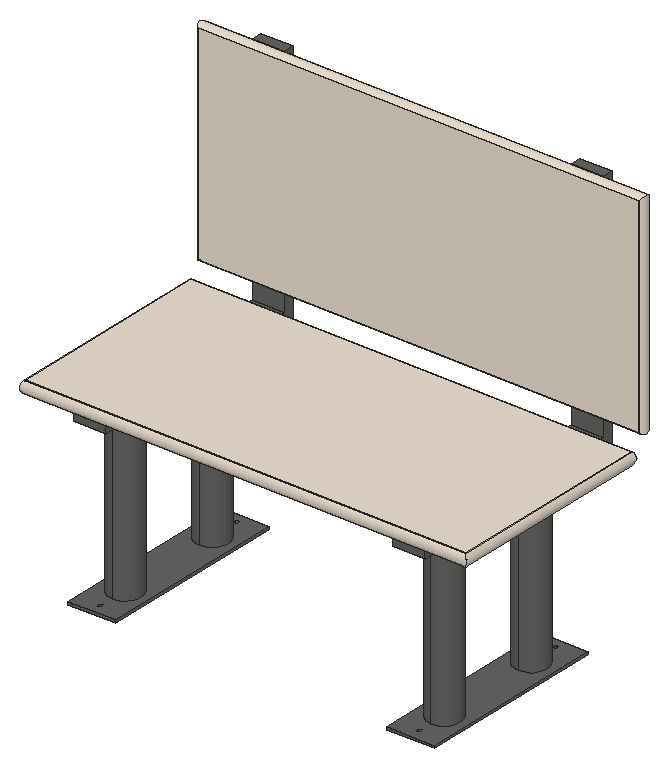
Revit family "Locker_Benches_ADA-Salsbury_Industries-Wood_77780_Series", category Specialty Equipment, Revit 2026
Family settings
  Round Connector Dimension = Use Diameter
  Part Type = Normal
  Classification Number = 23.40.00.00
  Work Plane-Based = No
  Enable Cutting in Views = No
  Always vertical = Yes
  Cut with Voids When Loaded = No
  Maintain Annotation Orientation = No
  Shared = No
  Room Calculation Point = No
Parameters (values of type "77781-ADAB")
  Width = 42.000"
  Version = "1.0 (11/16/18)"
  URL = "www.lockers.com"
  Type Comments = "Wood Locker Bench with Back Support"
  Seat Height = 18.000"
  Seat Depth = 20.000"
  Pedestal Top Plate = no
  Pedestal Material = Aluminum - Salsbury Finish - Black Satin
  Primary Material [instance] = Butcher Block Wood - Salsbury Finish - Light
  Pedestal Height Offet = if(Height = 39.000", 15.563", if(Height = 18.000", 16.313", 0.000"))  # 15.563"
  OmniClass 23 Title = "Equipment and Furnishings"
  OmniClass 23 Number = "23.40.00.00"
  Model = "77781-ADAB"
  MasterFormat Title = "Locker Room Benches"
  MasterFormat Number = "10 51 53"
  Manufacturer = "Salsbury Industries"
  Height = 39.000"
  Description = "Americans with Disabilities Act (ADA) compliant"
  Depth = 22.750"
  Default Elevation = 0.000"
  Back Support = yes
  Assembly Code = "C1030310"
  ADA Guidelines = "https://www.lockers.com/ada-lockers/"
Types (5): name | Width | Type Comments | Pedestal Top Plate | Pedestal Height Offet | Model | Height | Depth | Back Support
  (no name) | 42.000" | "Wood Locker Bench with Back Support" | no | 15.563" | "77781-ADAB" | 39.000" | 22.750" | yes
  77781-ADA | 42.000" | "Wood Locker Bench" | yes | 16.313" | "77781-ADA" | 18.000" | 20.000" | no
  77781-ADAB | 42.000" | "Wood Locker Bench with Back Support" | no | 15.563" | "77781-ADAB" | 39.000" | 22.750" | yes
  77782-ADAB | 48.000" | "Wood Locker Bench with Back Support" | no | 15.563" | "77782-ADAB" | 39.000" | 22.750" | yes
  77782-ADA | 48.000" | "Wood Locker Bench" | yes | 16.313" | "77782-ADA" | 18.000" | 20.000" | no
Reference planes (in)
  plane 1 "Center (Front/Back)": y = 0
  plane 2 "Floor": z = 0
  plane 3 "Center (Left/Right)": x = 0
  plane 4 "Front Side of Bench": y = -10
  plane 5 "Back Side of Bench": y = 10
  plane 6 "Right Side of Bench": x = 21
  plane 7 "Left Side of Bench": x = -21
  plane 8 "Top of Bench": z = 18
  plane 9: z = 16.8125
  plane 10: z = 17.9375
  plane 11 "Left Side of Trim Curve": x = -20.75
  plane 12 "Right Side of Trim Curve": x = 20.75
  plane 13 "Back of Trim Curve": y = -9.75
  plane 14 "Front of Trim Curve": y = 9.75
  plane 15: y = 9.375
  plane 16: y = -9.375
  plane 17 "Left Pedestal Center": x = -15
  plane 18 "Right Pedestal Center": x = 15
  plane 19: x = -17.25
  plane 20: x = -12.75
  plane 21: x = 12.75
  plane 22: x = 17.25
  plane 23: y = 9.25
  plane 24: y = -9.25
  plane 25: y = 9
  plane 26: y = -9
  plane 27 "Top of Bottom Pedestal Plate": z = 0.25
  plane 28 "Bottom of Top Pedestal Plate": z = 16.5625
  plane 29: y = -8
  plane 30: y = 8
  plane 31: x = -16.187
  plane 32: x = -13.813
  plane 33: x = 13.813
  plane 34: x = 16.187
  plane 35: x = -16.50135
  plane 36: x = -13.5
  plane 37: x = 13.5
  plane 38: x = 16.5
  plane 39: y = 3.62669
  plane 40: y = 6.625
  plane 41 "Front of PLAM": y = 9.625
  plane 42 "Back of PLAM": y = -9.625
  plane 43 "White Melamine Edge": z = 16.8435
  plane 44 "Left Edge of Support": x = -12.5
  plane 45 "Right Edge of Support": x = 12.5
  plane 46: z = 16.7815
  plane 47: y = 5.125
  plane 48: y = -5.125
  plane 49 "Pedestal Offset Plane": z = 15.813
  plane 50: y = -6.62487
  plane 51: y = -3.62656
  plane 52: z = 15.8125
  plane 53 "Back of Back Support Pedestal": y = 12.75
  plane 54 "Back of Back Support": y = 11.75
  plane 55 "Top of Back Support Pedestal": z = 38.8125
  plane 56 "Top of Back Support": z = 39
  plane 57 "Front of Back Support": y = 10.562
  plane 58 "Back of Trim Curve-Back Support": z = 38.75
  plane 59 "Bottom of Back Support": z = 19
  plane 60 "Back Support PLAM Bottom Edge": z = 19.25
  plane 61: y = 12.75
Forms (in)
  Extrusion 1, solid, material "Aluminum - Salsbury Finish - Black Satin" <- "Pedestal Material"
    sketch origin (0, 0, 0) x (1, 0, 0) y (0, 1, 0)
      loop
        line (-17.25, 9) -> (-17.25, -9) -> (-12.75, -9) -> (-12.75, 9) -> (-17.25, 9)
    from 0 to 0.25
  Extrusion 2, solid, material "Aluminum - Salsbury Finish - Black Satin" <- "Pedestal Material", visible <- "Pedestal Top Plate"
    sketch origin (0, 0, 16.5625) x (0, -1, 0) y (1, 0, 0)
      loop
        line (-9.25, -17.25) -> (9.25, -17.25) -> (9.25, -12.75) -> (-9.25, -12.75) -> (-9.25, -17.25)
    from 0 to 0.25
  Extrusion 3, solid, material "Aluminum - Salsbury Finish - Black Satin" <- "Pedestal Material"
    sketch origin (0, 0, 0.25) x (0, -1, 0) y (1, 0, 0)
      loop
        circle (-5.125, -15) r 1.5
      loop
        circle (5.125, -15) r 1.5
    from 0 to 15.563
  Extrusion 4, solid, material "Aluminum - Salsbury Finish - Black Satin" <- "Pedestal Material"
    sketch origin (0, 0, 0) x (-1, 0, 0) y (0, -1, 0)
      loop
        line (-17.25, -9) -> (-12.75, -9) -> (-12.75, 9) -> (-17.25, 9) -> (-17.25, -9)
    from 0 to 0.25
  Extrusion 5, solid, material "Aluminum - Salsbury Finish - Black Satin" <- "Pedestal Material", visible <- "Pedestal Top Plate"
    sketch origin (0, 0, 16.5625) x (0, -1, 0) y (1, 0, 0)
      loop
        line (-9.25, 17.25) -> (-9.25, 12.75) -> (9.25, 12.75) -> (9.25, 17.25) -> (-9.25, 17.25)
    from 0 to 0.25
  Extrusion 6, solid, material "Aluminum - Salsbury Finish - Black Satin" <- "Pedestal Material"
    sketch origin (0, 0, 0.25) x (0, -1, 0) y (1, 0, 0)
      loop
        circle (-5.125, 15) r 1.5
      loop
        circle (5.125, 15) r 1.5
    from 0 to 15.563
  Extrusion 7, void
    sketch origin (0, 0, 0) x (1, 0, 0) y (0, 1, 0)
      loop
        circle (-15, 8) r 0.188
      loop
        circle (-15, -8) r 0.188
    from 0 to 0.25
  Extrusion 8, void
    sketch origin (0, 0, 0) x (-1, 0, 0) y (0, -1, 0)
      loop
        circle (-15, -8) r 0.188
      loop
        circle (-15, 8) r 0.188
    from 0 to 0.25
  Sweep 9, solid, material "Butcher Block Wood - Salsbury Finish - Light" <- "Primary Material"
    path origin (0, 0, 18) x (0, -1, 0) y (1, 0, 0)
      loop
        line (10, -21) -> (10, 21) -> (-10, 21) -> (-10, -21) -> (10, -21)
    profile origin (-21, 0, 18) x (-1, 0, 0) y (0, 0, 1)
      loop
        line (-0.25, 0) -> (-0.25, -1.1875)
        arc (-0.25, -1.1875) -> (0.00021, -0.59375) -> (-0.25, 0) r 0.8296
  Extrusion 10, solid, material "Butcher Block Wood - Salsbury Finish - Light" <- "Primary Material"
    sketch origin (0, 0, 18) x (0, -1, 0) y (1, 0, 0)
      loop
        line (-9.75, -20.75) -> (9.75, -20.75) -> (9.75, 20.75) -> (-9.75, 20.75) -> (-9.75, -20.75)
    from -1.1875 to 0
  Extrusion 11, solid, material "Aluminum - Salsbury Finish - Black Satin" <- "Pedestal Material", visible <- "Back Support"
    sketch origin (15, 0, 0) x (0, -1, 0) y (0, 0, 1)
      loop
        line (9.25, 16.8125) -> (-11.75, 16.8125) -> (-11.75, 38.8125) -> (-12.75, 38.8125) -> (-12.75, 15.8125) -> (9.25, 15.8125) -> (9.25, 16.8125)
    from -1.5 to 1.5
  Extrusion 12, solid, material "Aluminum - Salsbury Finish - Black Satin" <- "Pedestal Material", visible <- "Back Support"
    sketch origin (-15, 0, 0) x (0, -1, 0) y (0, 0, 1)
      loop
        line (9.25, 16.8125) -> (-11.75, 16.8125) -> (-11.75, 38.8125) -> (-12.75, 38.8125) -> (-12.75, 15.8125) -> (9.25, 15.8125) -> (9.25, 16.8125)
    from -1.5 to 1.50135
  Sweep 13, solid, material "Butcher Block Wood - Salsbury Finish - Light" <- "Primary Material", visible <- "Back Support"
    path origin (0, 10.562, 0) x (0, 0, -1) y (1, 0, 0)
      loop
        line (-39, -21) -> (-19, -21) -> (-19, 21) -> (-39, 21) -> (-39, -21)
    profile origin (0, 10.562, 39) x (0, 0, 1) y (0, -1, 0)
      loop
        arc (-0.25, -1.188) -> (0.00008, -0.594) -> (-0.25, 0) r 0.83048
        line (-0.25, 0) -> (-0.25, -1.188)
  Extrusion 14, solid, material "Butcher Block Wood - Salsbury Finish - Light" <- "Primary Material", visible <- "Back Support"
    sketch origin (0, 10.562, 0) x (0, 0, -1) y (1, 0, 0)
      loop
        line (-38.75, -20.75) -> (-19.25, -20.75) -> (-19.25, 20.75) -> (-38.75, 20.75) -> (-38.75, -20.75)
    from -1.188 to 0
Cuts and joins
  Extrusion 7, Extrusion 8 cuts Extrusion 1
  Extrusion 8 cuts Extrusion 4
Lines and regions (in)
  symbolic lines
    curve 1: line (-21, 0, 18) -> (21, 0, 18)
    curve 2: line (-21, 0, 16.8125) -> (-21, 0, 18)
    curve 3: line (21, 0, 16.8125) -> (-21, 0, 16.8125)
    curve 4: line (21, 0, 18) -> (21, 0, 16.8125)
    curve 8: line (-17.25, 0, 0.25) -> (-12.75, 0, 0.25)
    curve 9: line (-17.25, 0, 0) -> (-17.25, 0, 0.25)
    curve 10: line (-12.75, 0, 0) -> (-17.25, 0, 0)
    curve 11: line (-12.75, 0, 0.25) -> (-12.75, 0, 0)
    curve 12: line (-16.50135, 0, 0.25) -> (-16.50135, 0, 15.813)
    curve 13: line (-13.5, 0, 0.25) -> (-13.5, 0, 15.813)
    curve 17: line (12.75, 0, 0.25) -> (17.25, 0, 0.25)
    curve 18: line (12.75, 0, 0) -> (12.75, 0, 0.25)
    curve 19: line (17.25, 0, 0) -> (12.75, 0, 0)
    curve 20: line (17.25, 0, 0.25) -> (17.25, 0, 0)
    curve 21: line (13.5, 0, 0.25) -> (13.5, 0, 15.813)
    curve 22: line (16.5, 0, 0.25) -> (16.5, 0, 15.813)
    curve 23: line (21, -10, 18) -> (21, 10, 18)
    curve 24: line (21, -10, 16.8125) -> (21, -10, 18)
    curve 25: line (21, 10, 16.8125) -> (21, -10, 16.8125)
    curve 26: line (21, 10, 18) -> (21, 10, 16.8125)
    curve 30: line (21, -9, 0.25) -> (21, 9, 0.25)
    curve 31: line (21, -9, 0) -> (21, -9, 0.25)
    curve 32: line (21, 9, 0) -> (21, -9, 0)
    curve 33: line (21, 9, 0.25) -> (21, 9, 0)
    curve 34: line (21, 6.625, 0.25) -> (21, 6.625, 15.813)
    curve 35: line (21, 3.62669, 0.25) -> (21, 3.62669, 15.813)
    curve 36: line (-21, 10, 18) -> (21, 10, 18)
    curve 37: line (-21, -10, 18) -> (-21, 10, 18)
    curve 38: line (21, -10, 18) -> (-21, -10, 18)
    curve 39: line (21, 10, 18) -> (21, -10, 18)
    curve 40: line (-12.5, -3.62656, 0.25) -> (-12.5, -3.62656, 15.813)
    curve 41: line (-12.5, -6.62487, 0.25) -> (-12.5, -6.62487, 15.813)
  symbolic lines, visible <- "Pedestal Top Plate"
    curve 5: line (-17.25, 0, 16.5625) -> (-12.75, 0, 16.5625)
    curve 6: line (-17.25, 0, 16.8125) -> (-17.25, 0, 16.5625)
    curve 7: line (-12.75, 0, 16.5625) -> (-12.75, 0, 16.8125)
    curve 14: line (12.75, 0, 16.5625) -> (12.75, 0, 16.8125)
    curve 15: line (17.25, 0, 16.5625) -> (12.75, 0, 16.5625)
    curve 16: line (17.25, 0, 16.8125) -> (17.25, 0, 16.5625)
    curve 27: line (21, -9.25, 16.5625) -> (21, -9.25, 16.8125)
    curve 28: line (21, 9.25, 16.5625) -> (21, -9.25, 16.5625)
    curve 29: line (21, 9.25, 16.8125) -> (21, 9.25, 16.5625)
  symbolic lines, visible <- "Back Support"
    curve 42: line (15, -9.25, 16.8125) -> (15, -9.25, 15.8125)
    curve 43: line (15, -9.25, 15.8125) -> (15, 12.75, 15.8125)
    curve 44: line (15, 12.75, 15.8125) -> (15, 12.75, 38.8125)
    curve 45: line (15, 12.75, 38.8125) -> (15, 11.75, 38.8125)
    curve 46: line (15, 10.562, 19) -> (15, 11.75, 19)
    curve 47: line (15, 11.75, 16.8125) -> (15, 10, 16.8125)
    curve 48: line (-21, 11.75, 18) -> (21, 11.75, 18)
    curve 49: line (-21, 10.562, 18) -> (-21, 11.75, 18)
    curve 50: line (21, 10.562, 18) -> (-21, 10.562, 18)
    curve 51: line (21, 11.75, 18) -> (21, 10.562, 18)
    curve 52: line (13.5, 11.75, 18) -> (13.5, 12.75, 18)
    curve 53: line (16.5, 11.75, 18) -> (16.5, 12.75, 18)
    curve 54: line (13.5, 12.75, 18) -> (16.5, 12.75, 18)
    curve 55: line (-16.50135, 11.75, 18) -> (-16.50135, 12.75, 18)
    curve 56: line (-13.5, 11.75, 18) -> (-13.5, 12.75, 18)
    curve 57: line (-16.50135, 12.75, 18) -> (-13.5, 12.75, 18)
    curve 58: line (13.5, 10, 18) -> (13.5, 10.562, 18)
    curve 59: line (16.5, 10, 18) -> (16.5, 10.562, 18)
    curve 60: line (-16.50135, 10, 18) -> (-16.50135, 10.562, 18)
    curve 61: line (-13.5, 10, 18) -> (-13.5, 10.562, 18)
    curve 62: line (15, 11.75, 16.8125) -> (15, 11.75, 19)
    curve 63: line (15, 10.562, 19) -> (15, 10.562, 39)
    curve 64: line (15, 10.562, 39) -> (15, 11.75, 39)
    curve 65: line (15, 11.75, 39) -> (15, 11.75, 19)
Dimensions and locks (in)
  equal spacing: plane 7 "Left Side of Bench", plane 3 "Center (Left/Right)", plane 6 "Right Side of Bench"
  "Width": plane 7 "Left Side of Bench" to plane 6 "Right Side of Bench"
  equal spacing: plane 4 "Front Side of Bench", plane 1 "Center (Front/Back)", plane 5 "Back Side of Bench"
  "Depth": plane 4 "Front Side of Bench" to plane 61
  "Height": plane 56 "Top of Back Support" to plane 2 "Floor"
  locked: plane 9 to plane 8 "Top of Bench" at 1.1875
  locked: plane 10 to plane 8 "Top of Bench" at 0.0625
  locked: plane 7 "Left Side of Bench" to plane 11 "Left Side of Trim Curve" at 0.25
  locked: plane 12 "Right Side of Trim Curve" to plane 6 "Right Side of Bench" at 0.25
  plane 4 "Front Side of Bench" to plane 13 "Back of Trim Curve" to plane 42 "Back of PLAM" = 0.250" locked, 0.125" locked
  plane 41 "Front of PLAM" to plane 14 "Front of Trim Curve" to plane 5 "Back Side of Bench" = 0.125" locked, 0.250" locked
  locked: plane 15 to plane 5 "Back Side of Bench" at 0.625
  locked: plane 4 "Front Side of Bench" to plane 16 at 0.625
  locked: plane 7 "Left Side of Bench" to plane 17 "Left Pedestal Center" at 6
  locked: plane 18 "Right Pedestal Center" to plane 6 "Right Side of Bench" at 6
  plane 21 to plane 18 "Right Pedestal Center" to plane 22 = 2.250" locked, 2.250" locked
  plane 19 to plane 17 "Left Pedestal Center" to plane 20 = 2.250" locked, 2.250" locked
  plane 24 to plane 1 "Center (Front/Back)" to plane 23 = 9.250" locked, 9.250" locked
  plane 26 to plane 1 "Center (Front/Back)" to plane 25 = 9.000" locked, 9.000" locked
  locked: plane 27 "Top of Bottom Pedestal Plate" to plane 2 "Floor" at 0.25
  locked: plane 9 to plane 28 "Bottom of Top Pedestal Plate" at 0.25
  locked: plane 30 to plane 25 at 1
  locked: plane 26 to plane 29 at 1
  locked: plane 19 to plane 31 at 1.063
  locked: plane 32 to plane 20 at 1.063
  locked: plane 21 to plane 33 at 1.063
  locked: plane 34 to plane 22 at 1.063
  locked: plane 19 to plane 35 at 0.74865
  locked: plane 36 to plane 20 at 0.75
  locked: plane 21 to plane 37 at 0.75
  locked: plane 38 to plane 22 at 0.75
  locked: plane 9 to plane 43 "White Melamine Edge" at 0.031
  locked: plane 20 to plane 44 "Left Edge of Support" at 0.25
  locked: plane 45 "Right Edge of Support" to plane 21 at 0.25
  locked: plane 46 to plane 9 at 0.031
  locked: plane 47 to plane 25 at 3.875
  locked: plane 26 to plane 48 at 3.875
  "Pedestal Height Offet": plane 49 "Pedestal Offset Plane" to plane 27 "Top of Bottom Pedestal Plate"
  locked: plane 52 to plane 9 at 1
  plane 20 to plane 17 "Left Pedestal Center" to plane 19 = 2.250", 2.250"
  plane 57 "Front of Back Support" to plane 54 "Back of Back Support" to plane 53 "Back of Back Support Pedestal" = 1.188" locked, 1.000" locked
  locked: plane 58 "Back of Trim Curve-Back Support" to plane 56 "Top of Back Support" at 0.25
  plane 60 "Back Support PLAM Bottom Edge" to plane 59 "Bottom of Back Support" to plane 8 "Top of Bench" = 0.250", 1.000"
  "Seat Height": plane 8 "Top of Bench" to plane 2 "Floor"
  plane 52 to plane 55 "Top of Back Support Pedestal" = 23.000"
  curve 46 to curve 46 = 1.188"
  curve 47 to plane 14 "Front of Trim Curve" = 0.250"
  "Seat Depth": plane 4 "Front Side of Bench" to plane 5 "Back Side of Bench"
  aligned and locked: plane 2 "Floor" to level
  aligned and locked: plane 25 to Extrusion 1 sketch curve
  aligned and locked: Extrusion 1 sketch curve to plane 19
  aligned and locked: Extrusion 1 sketch curve to plane 26
  aligned and locked: Extrusion 1 sketch curve to plane 20
  aligned and locked: Extrusion 1 to plane 27 "Top of Bottom Pedestal Plate"
  aligned and locked: Extrusion 1 to plane 2 "Floor"
  aligned and locked: Extrusion 2 sketch curve to plane 23
  aligned and locked: Extrusion 2 sketch curve to plane 19
  aligned and locked: plane 24 to Extrusion 2 sketch curve
  aligned and locked: Extrusion 2 sketch curve to plane 20
  aligned and locked: plane 28 "Bottom of Top Pedestal Plate" to Extrusion 2
  aligned and locked: Extrusion 2 to plane 9
  aligned and locked: plane 17 "Left Pedestal Center" to Extrusion 3 sketch curve  (x2)
  aligned and locked: plane 27 "Top of Bottom Pedestal Plate" to Extrusion 3
  aligned and locked: Extrusion 4 sketch curve to plane 25
  aligned and locked: Extrusion 4 sketch curve to plane 21
  aligned and locked: Extrusion 4 sketch curve to plane 22
  aligned and locked: plane 26 to Extrusion 4 sketch curve
  aligned and locked: Extrusion 4 to plane 2 "Floor"
  aligned and locked: Extrusion 5 sketch curve to plane 21
  aligned and locked: Extrusion 5 sketch curve to plane 23
  aligned and locked: plane 24 to Extrusion 5 sketch curve
  aligned and locked: Extrusion 5 sketch curve to plane 22
  aligned and locked: Extrusion 5 to plane 9
  aligned and locked: plane 28 "Bottom of Top Pedestal Plate" to Extrusion 5
  aligned and locked: plane 18 "Right Pedestal Center" to Extrusion 6 sketch curve  (x2)
  aligned and locked: plane 30 to Extrusion 7 sketch curve
  aligned and locked: plane 29 to Extrusion 7 sketch curve
  aligned and locked: Extrusion 7 to plane 27 "Top of Bottom Pedestal Plate"
  aligned and locked: Extrusion 7 to plane 2 "Floor"
  aligned and locked: Extrusion 8 to plane 2 "Floor"
  aligned and locked: Extrusion 8 to plane 27 "Top of Bottom Pedestal Plate"
  aligned and locked: plane 30 to Extrusion 8 sketch curve
  aligned and locked: plane 29 to Extrusion 8 sketch curve
  aligned and locked: plane 27 "Top of Bottom Pedestal Plate" to Extrusion 6
  aligned and locked: curve 2 to plane 7 "Left Side of Bench"
  aligned and locked: plane 6 "Right Side of Bench" to curve 4
  aligned and locked: plane 8 "Top of Bench" to curve 1
  aligned and locked: curve 3 to plane 9
  aligned and locked: curve 7 to plane 20
  aligned and locked: plane 19 to curve 6
  aligned and locked: plane 2 "Floor" to curve 10
  aligned and locked: plane 20 to curve 11
  aligned and locked: plane 27 "Top of Bottom Pedestal Plate" to curve 8
  aligned and locked: curve 9 to plane 19
  aligned and locked: plane 27 "Top of Bottom Pedestal Plate" to curve 12
  aligned and locked: curve 12 to plane 35
  aligned and locked: curve 13 to plane 36
  aligned and locked: curve 14 to plane 21
  aligned and locked: plane 22 to curve 16
  aligned and locked: plane 2 "Floor" to curve 19
  aligned and locked: curve 18 to plane 21
  aligned and locked: plane 22 to curve 20
  aligned and locked: plane 27 "Top of Bottom Pedestal Plate" to curve 17
  aligned and locked: plane 27 "Top of Bottom Pedestal Plate" to curve 21
  aligned and locked: curve 21 to plane 37
  aligned and locked: curve 22 to plane 38
  aligned and locked: plane 5 "Back Side of Bench" to curve 26
  aligned and locked: curve 24 to plane 4 "Front Side of Bench"
  aligned and locked: plane 23 to curve 29
  aligned and locked: curve 27 to plane 24
  aligned and locked: plane 2 "Floor" to curve 32
  aligned and locked: plane 25 to curve 33
  aligned and locked: curve 31 to plane 26
  aligned and locked: plane 27 "Top of Bottom Pedestal Plate" to curve 34
  aligned and locked: plane 27 "Top of Bottom Pedestal Plate" to curve 35
  aligned and locked: curve 34 to plane 40
  aligned and locked: curve 35 to plane 39
  aligned and locked: plane 8 "Top of Bench" to curve 23
  aligned and locked: curve 25 to plane 9
  aligned and locked: Sweep 9 sketch curve to plane 5 "Back Side of Bench"
  aligned and locked: Sweep 9 sketch curve to plane 7 "Left Side of Bench"
  aligned and locked: Sweep 9 sketch curve to plane 6 "Right Side of Bench"
  aligned and locked: Sweep 9 sketch curve to plane 4 "Front Side of Bench"
  aligned and locked: Extrusion 10 to plane 8 "Top of Bench"
  aligned and locked: curve 38 to plane 4 "Front Side of Bench"
  aligned and locked: plane 6 "Right Side of Bench" to curve 39
  aligned and locked: curve 37 to plane 7 "Left Side of Bench"
  aligned and locked: plane 9 to Extrusion 10
  aligned and locked: plane 11 "Left Side of Trim Curve" to Sweep 9 sketch curve
  aligned and locked: plane 12 "Right Side of Trim Curve" to Extrusion 10 sketch curve
  aligned and locked: Extrusion 10 sketch curve to plane 13 "Back of Trim Curve"
  aligned and locked: plane 14 "Front of Trim Curve" to Extrusion 10 sketch curve
  aligned and locked: Extrusion 10 sketch curve to plane 11 "Left Side of Trim Curve"
  aligned and locked: plane 17 "Left Pedestal Center" to Extrusion 7 sketch curve  (x2)
  aligned and locked: plane 18 "Right Pedestal Center" to Extrusion 8 sketch curve  (x2)
  aligned and locked: plane 47 to Extrusion 3 sketch curve
  aligned and locked: plane 48 to Extrusion 3 sketch curve
  aligned and locked: plane 47 to Extrusion 6 sketch curve
  aligned and locked: plane 48 to Extrusion 6 sketch curve
  aligned and locked: Extrusion 6 to plane 49 "Pedestal Offset Plane"
  aligned and locked: Extrusion 6 to Extrusion 3
  aligned and locked: plane 28 "Bottom of Top Pedestal Plate" to curve 5
  aligned and locked: curve 15 to plane 28 "Bottom of Top Pedestal Plate"
  aligned and locked: plane 49 "Pedestal Offset Plane" to curve 22
  aligned and locked: plane 49 "Pedestal Offset Plane" to curve 21
  aligned and locked: plane 49 "Pedestal Offset Plane" to curve 13
  aligned and locked: plane 49 "Pedestal Offset Plane" to curve 12
  aligned and locked: plane 49 "Pedestal Offset Plane" to curve 34
  aligned and locked: plane 49 "Pedestal Offset Plane" to curve 35
  aligned and locked: plane 49 "Pedestal Offset Plane" to curve 40
  aligned and locked: plane 27 "Top of Bottom Pedestal Plate" to curve 41
  aligned and locked: plane 49 "Pedestal Offset Plane" to curve 41
  aligned and locked: curve 41 to plane 50
  aligned and locked: plane 24 to Extrusion 11 sketch curve
  aligned and locked: plane 52 to Extrusion 11 sketch curve
  aligned and locked: plane 35 to Extrusion 12
  aligned and locked: Extrusion 12 to plane 36
  aligned and locked: plane 37 to Extrusion 11
  aligned and locked: Extrusion 11 to plane 38
  aligned and locked: plane 24 to Extrusion 12 sketch curve
  aligned and locked: Extrusion 12 sketch curve to plane 9
  aligned and locked: plane 52 to Extrusion 12 sketch curve
  aligned and locked: Extrusion 12 sketch curve to plane 53 "Back of Back Support Pedestal"
  aligned and locked: Extrusion 12 sketch curve to plane 55 "Top of Back Support Pedestal"
  aligned and locked: plane 54 "Back of Back Support" to Extrusion 12 sketch curve
  aligned and locked: plane 56 "Top of Back Support" to Sweep 13 sketch curve
  aligned and locked: Sweep 13 sketch curve to plane 58 "Back of Trim Curve-Back Support"
  aligned and locked: plane 54 "Back of Back Support" to Sweep 13 sketch curve
  aligned and locked: Sweep 13 sketch curve to plane 59 "Bottom of Back Support"
  aligned and locked: Sweep 13 sketch curve to plane 6 "Right Side of Bench"
  aligned and locked: Sweep 13 sketch curve to plane 7 "Left Side of Bench"
  aligned and locked: Extrusion 14 sketch curve to plane 60 "Back Support PLAM Bottom Edge"
  aligned and locked: plane 12 "Right Side of Trim Curve" to Extrusion 14 sketch curve
  aligned and locked: Extrusion 14 sketch curve to plane 11 "Left Side of Trim Curve"
  aligned and locked: plane 58 "Back of Trim Curve-Back Support" to Extrusion 14 sketch curve
  aligned and locked: plane 57 "Front of Back Support" to Extrusion 14
  aligned and locked: Extrusion 14 to plane 54 "Back of Back Support"
  aligned and locked: Extrusion 11 sketch curve to plane 55 "Top of Back Support Pedestal"
  aligned and locked: Extrusion 11 sketch curve to plane 53 "Back of Back Support Pedestal"
  aligned and locked: plane 54 "Back of Back Support" to Extrusion 11 sketch curve
  aligned and locked: Extrusion 11 sketch curve to plane 9
  aligned and locked: curve 42 to Extrusion 11
  aligned and locked: curve 43 to Extrusion 11
  aligned and locked: curve 44 to Extrusion 11
  aligned and locked: curve 45 to Extrusion 11
  aligned and locked: curve 50 to plane 57 "Front of Back Support"
  aligned and locked: plane 6 "Right Side of Bench" to curve 51
  aligned and locked: curve 49 to plane 7 "Left Side of Bench"
  aligned and locked: plane 54 "Back of Back Support" to curve 48
  aligned and locked: plane 54 "Back of Back Support" to curve 52
  aligned and locked: plane 53 "Back of Back Support Pedestal" to curve 53
  aligned and locked: curve 52 to plane 37
  aligned and locked: curve 53 to plane 38
  aligned and locked: curve 54 to Extrusion 11
  aligned and locked: plane 53 "Back of Back Support Pedestal" to curve 56
  aligned and locked: curve 56 to plane 36
  aligned and locked: curve 55 to plane 35
  aligned and locked: curve 57 to Extrusion 12
  aligned and locked: plane 57 "Front of Back Support" to curve 58
  aligned and locked: plane 5 "Back Side of Bench" to curve 59
  aligned and locked: curve 58 to plane 37
  aligned and locked: curve 59 to plane 38
  aligned and locked: plane 5 "Back Side of Bench" to curve 60
  aligned and locked: curve 61 to plane 36
  aligned and locked: curve 60 to plane 35
  aligned and locked: curve 47 to plane 9
  aligned and locked: plane 59 "Bottom of Back Support" to curve 62
  aligned and locked: curve 62 to plane 54 "Back of Back Support"
  aligned and locked: plane 57 "Front of Back Support" to curve 63
  aligned and locked: curve 64 to plane 56 "Top of Back Support"
  aligned and locked: curve 65 to plane 54 "Back of Back Support"
Automatic sketch dimensions
  plane 28 "Bottom of Top Pedestal Plate" to curve 29 = 0.000"
  Sweep 9 sketch curve to plane 8 "Top of Bench" = 0.000"
  profile plane to Sweep 9 sketch curve = 0.82939"
  plane 8 "Top of Bench" to Sweep 9 sketch curve = 0.59375"
  plane 27 "Top of Bottom Pedestal Plate" to curve 40 = 0.000"
  Sweep 13 sketch curve to plane 57 "Front of Back Support" = 0.000"
  profile plane to Sweep 13 sketch curve = 0.8304"
  curve 40 to plane 51 = 0.000"
  plane 9 to curve 42 = 0.000"
  radius of Extrusion 3 sketch curve = 1.500"  (x2)
  radius of Extrusion 6 sketch curve = 1.500"  (x2)
  radius of Extrusion 7 sketch curve = 0.188"  (x2)
  radius of Extrusion 8 sketch curve = 0.188"  (x2)
